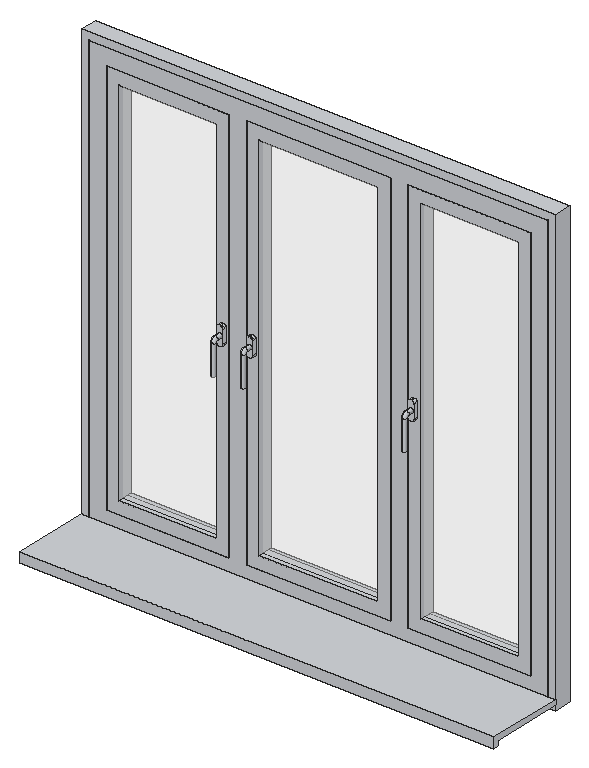
Revit family "AVLN_Окно_Фрамуга общая_3 створки", category Окна, Revit 2021
Family settings
  Основа = Стена
  Номер OmniClass = 23.30.20.00
  Заголовок OmniClass = Windows
  Всегда вертикально = Да
  При загрузке вырезать с полостями = Нет
  Общий = Нет
  Точка принадлежности помещению = Нет
Parameters (values of type "ОК-1850-2.1СТ")
  Ширина рамы = 70 mm
  Четверть слева/справа = 40 mm
  Четверть низ = 0 mm  # constant formula
  Четверть верх = 30 mm
  Створка_центр_ширина = 580 mm
  Створка_толщина = 25 mm  # constant formula
  Толщина основы [instance] = 200 mm
  Створка_справа_ширина = Width - ((Ширина рамы * 4) + (Монтажный зазор_Слева + Монтажный зазор_Справа) + Створка_слева_ширина + Створка_центр_ширина)  # 495 mm
  Створка_слева_ширина = 495 mm
  Створка_профиль = 50 mm
  Створка_высота = Height - Монтажный зазор_Снизу - Монтажный зазор_Сверху - Ширина рамы * 2  # 1600 mm
  Средняя створка = АВЛН_Створка открывная : Створка поворотная правая
  Определить тепловые свойства по = Тип схем
  Монтажный зазор_Справа = 30 mm
  Монтажный зазор_Снизу = 20 mm
  Монтажный зазор_Слева = 30 mm
  Монтажный зазор_Сверху = 30 mm
  Model = ""
  Правая створка = АВЛН_Створка открывная : Створка поворотная правая
  Rough Width = Width - Монтажный зазор_Слева - Монтажный зазор_Справа  # 1850 mm
  Rough Height = Height - Монтажный зазор_Снизу - Монтажный зазор_Сверху  # 1740 mm
  Подстановочный профиль_Ширина = 20 mm  # constant formula
  Подстановочный профиль_Толщина = 60 mm
  Подоконник_Толщина = 20 mm
  Подоконник_Длина = Width  # 1910 mm
  Подоконник_Глубина = 280 mm
  Подоконник = yes
  Левая створка = АВЛН_Створка открывная : Створка поворотная левая
  Глубина вставки = 0 mm
  Отлив_Толщина = 1 mm  # constant formula
  Отлив_Длина = Width - [Четверть слева/справа] * 2  # 1830 mm
  Отлив_Глубина = 280 mm
  Отлив = no
  Откос_Н.Ширина = Width - 2 * [Четверть слева/справа]  # 1830 mm
  Откос_Н.Толщина.8 = 32 mm
  Откос_Н.Толщина.7 = 28 mm
  Откос_Н.Толщина.6 = 24 mm
  Откос_Н.Толщина.5 = 20 mm
  Откос_Н.Толщина.4 = 16 mm
  Откос_Н.Толщина.3 = 12 mm
  Откос_Н.Толщина.2 = 8 mm
  Откос_Н.Толщина.1 = 4 mm
  Откос_Н.Отступ_П = 0 mm  # constant formula
  Откос_Н.Отступ_Л = 0 mm  # constant formula
  Откос_Н.Количество слоев = 0
  Откос_Н.Глубина = 150 mm
  Откос_Н.Высота = Height - Четверть верх - Четверть низ  # 1760 mm
  Откос_В.Толщина.8 = 32 mm
  Откос_В.Толщина.7 = 28 mm
  Откос_В.Толщина.6 = 24 mm
  Откос_В.Толщина.5 = 20 mm
  Откос_В.Толщина.4 = 16 mm
  Откос_В.Толщина.3 = 12 mm
  Откос_В.Толщина.2 = 8 mm
  Откос_В.Толщина.1 = 4 mm
  Откос_В.Отступ_П [instance] = Монтажный зазор_Снизу + Подоконник_Толщина  # 40 mm
  Откос_В.Отступ_Л [instance] = Монтажный зазор_Снизу + Подоконник_Толщина  # 40 mm
  Откос_В.Количество слоев = 0
  Откос_В.Глубина [instance] = Толщина основы - Глубина вставки - Ширина рамы  # 130 mm
  М.Подоконник = none
  М.Отлив = none
  М.Откос_Н.8 = none
  М.Откос_Н.7 = none
  М.Откос_Н.6 = none
  М.Откос_Н.5 = none
  М.Откос_Н.4 = none
  М.Откос_Н.3 = none
  М.Откос_Н.2 = none
  М.Откос_Н.1 = ADSK_Полимеры_ Поливинилхлорид_(ПВХ) белый
  М.Откос_В.8 = none
  М.Откос_В.7 = none
  М.Откос_В.6 = none
  М.Откос_В.5 = none
  М.Откос_В.4 = none
  М.Откос_В.3 = none
  М.Откос_В.2 = none
  М.Откос_В.1 = ADSK_Полимеры_ Поливинилхлорид_(ПВХ) белый
  М.Монтажного зазора = none
  М.Стекла = АВЛН_Остекление окон и дверей
  М.Рамы = none
  М.Подоконный профиль = none
  Type Comments = ""
  Height = 1790 mm
  Высота подоконника по умолчанию = 800 mm
  Замыкание стены = По основе
  Width = 1910 mm
  Аналитическая конструкция = "<Нет>"
  АВЛН_Проем_Ширина [instance] = Width  # 1910 mm
  АВЛН_Проем_Высота [instance] = Height  # 1790 mm
  ADSK_Этаж [instance] = ""
  ADSK_Размер_Ширина = Width  # 1910 mm
  ADSK_Размер_Высота = Height  # 1790 mm
  ADSK_Примечание [instance] = ""
  ADSK_Площадь = Height * Width  # 3.4189 m²
  ADSK_Обозначение = ""
  ADSK_Номер секции [instance] = ""
  ADSK_Наименование = ""
  ADSK_Марка = ""
  ADSK_Группирование = ""
  -----------Разрезка----------- = "-----------"  # constant formula
  -----------Профили----------- = "-----------"  # constant formula
  -----------Подоконник----------- = "-----------"  # constant formula
  -----------Отлив----------- = "-----------"  # constant formula
  -----------Откос----------- = "-----------"  # constant formula
  -----------Основные габариты----------- = "-----------"  # constant formula
  -----------Вставка----------- = "-----------"  # constant formula
Types (2, lengths in mm): name | Четверть слева/справа | Четверть верх | Створка_центр_ширина | Створка_справа_ширина | Створка_слева_ширина | Створка_высота | Средняя створка | Монтажный зазор_Снизу | Правая створка | Rough Width | Rough Height | Подоконник_Длина | Левая створка | Отлив_Длина | Откос_Н.Ширина | Откос_Н.Высота | Откос_В.Отступ_П | Откос_В.Отступ_Л | М.Стекла | Height | Width | АВЛН_Проем_Ширина | АВЛН_Проем_Высота | ADSK_Размер_Ширина | ADSK_Размер_Высота | ADSK_Площадь
  Для копирования! | 50 | 50 | 800 | 830 | 830 | 2500 | АВЛН_Створка открывная : Створка глухая | 30 | АВЛН_Створка открывная : Створка откидная | 2740 | 2640 | 2800 | АВЛН_Створка открывная : Створка глухая | 2700 | 2700 | 2650 | 50 | 50 | Стекло | 2700 | 2800 | 2800 | 2700 | 2800 | 2700 | 7.56 m²
  ОК-1850-2.1СТ | 40 | 30 | 580 | 495 | 495 | 1600 | АВЛН_Створка открывная : Створка поворотная правая | 20 | АВЛН_Створка открывная : Створка поворотная правая | 1850 | 1740 | 1910 | АВЛН_Створка открывная : Створка поворотная левая | 1830 | 1830 | 1760 | 40 | 40 | АВЛН_Остекление окон и дверей | 1790 | 1910 | 1910 | 1790 | 1910 | 1790 | 3.4189 m²
Reference planes
  plane 1 "По центру (Вперед/Назад)": y = 0
  plane 2 "По центру (Влево/Вправо)": x = 0
  plane 3 "Слева": x = -955
  plane 4 "Справа": x = 955
  plane 5 "Подоконник": z = 800
  plane 6 "Заголовок": z = 2590
  plane 7 "Наружный": y = 100
  plane 8 "Внутренние": y = -100
  plane 9 "Окно": y = 100
  plane 10: x = 925
  plane 11: z = 2560
  plane 12: x = -925
  plane 13: z = 820
  plane 14: x = 915
  plane 15: x = -915
  plane 16: z = 1695
  plane 17: y = 600
  plane 18: y = -400
  plane 19: z = 2560
  plane 20 "Чет. низ": z = 800
  plane 21 "Внутряння грань": y = 30
  plane 22: y = 80
  plane 23 "Импост верх": z = 890
  plane 24: z = 2490
  plane 25: x = -855
  plane 26: x = 855
  plane 27 "5": x = 290
  plane 28 "6": x = 360
  plane 29 "9": x = 0
  plane 30 "10": x = 607.5
  plane 31 "11": x = -607.5
  plane 32 "12": z = 1690
  plane 33 "14": x = -360
  plane 34 "15": x = -290
  plane 35 "16": x = 0
Forms (mm)
  Extrusion 1, void
    sketch origin (0, 100, 0) x (1, 0, 0) y (0, 0, 1)
      loop
        line (915, 2560) -> (-915, 2560) -> (-915, 800) -> (915, 800) -> (915, 2560)
    from -500 to 20
  Extrusion 2, void
    sketch origin (0, 100, 0) x (1, 0, 0) y (0, 0, 1)
      loop
        line (955, 2590) -> (-955, 2590) -> (-955, 800) -> (955, 800) -> (955, 2590)
    from 0 to 500
  Extrusion 3, solid, material <- "М.Монтажного зазора", detail levels medium+fine
    sketch origin (0, 100, 0) x (1, 0, 0) y (0, 0, 1)
      loop
        line (955, 2590) -> (-955, 2590) -> (-955, 800) -> (955, 800) -> (955, 2590)
      loop
        line (-925, 2560) -> (-925, 820) -> (925, 820) -> (925, 2560) -> (-925, 2560)
    from 0 to 70
  Extrusion 4, solid, material <- "М.Рамы", detail levels medium+fine
    sketch origin (0, 100, 0) x (-1, 0, 0) y (0, 0, 1)
      loop
        line (-925, 2560) -> (-925, 820) -> (925, 820) -> (925, 2560) -> (-925, 2560)
      loop
        line (-290, 2490) -> (-290, 890) -> (290, 890) -> (290, 2490) -> (-290, 2490)
      loop
        line (855, 2490) -> (360, 2490) -> (360, 890) -> (855, 890) -> (855, 2490)
      loop
        line (-360, 2490) -> (-855, 2490) -> (-855, 890) -> (-360, 890) -> (-360, 2490)
    from -70 to 0
Lines and regions (mm)
  reference lines
    curve 1: line (-955, -100, 820) -> (955, -100, 820)
    curve 2: line (325, -100, 2590) -> (325, -100, 800)
Text (mm)
  text "EXTERIOR" at (-1963.203, 1332.353, 0), in view "Опорный уровень"
  text "INTERIOR" at (-1981.466, -818.386, 0), in view "Опорный уровень"
  text "Наружный" at (0, 923.751, 2943.296), in view "Справа"
  text "Наружный" at (0, 1240.237, 2685.409), in view "Слева"
Dimensions and locks
  equal spacing: plane 3 "Слева", plane 2 "По центру (Влево/Вправо)", plane 4 "Справа"
  "Width": plane 3 "Слева" to plane 4 "Справа"
  "Height": plane 5 "Подоконник" to plane 6 "Заголовок"
  "Высота подоконника по умолчанию": plane 5 "Подоконник" to level
  locked: plane 7 "Наружный" to host wall
  locked: plane 8 "Внутренние" to host wall
  "Глубина вставки": plane 9 "Окно" to plane 7 "Наружный"
  "Монтажный зазор_Справа": plane 10 to plane 4 "Справа"
  "Монтажный зазор_Слева": plane 3 "Слева" to plane 12
  "Монтажный зазор_Сверху": plane 11 to plane 6 "Заголовок"
  "Монтажный зазор_Снизу": plane 5 "Подоконник" to plane 13
  "Четверть слева/справа": plane 14 to plane 4 "Справа"
  "Четверть слева/справа": plane 3 "Слева" to plane 15
  equal spacing: plane 5 "Подоконник", plane 16, plane 6 "Заголовок"
  locked: plane 7 "Наружный" to plane 17 at 500
  locked: plane 18 to plane 8 "Внутренние" at 300
  "Четверть верх": plane 19 to plane 6 "Заголовок"
  "Четверть низ": plane 5 "Подоконник" to plane 20 "Чет. низ"
  "Ширина рамы": plane 9 "Окно" to plane 21 "Внутряння грань"
  "Толщина основы": host wall to host wall
  locked: plane 22 to plane 21 "Внутряння грань" at 50
  "Ширина рамы": plane 26 to plane 10
  "Ширина рамы": plane 12 to plane 25
  "Ширина рамы": plane 24 to plane 11
  plane 23 "Импост верх" to plane 24 = 1600 mm  (x2)
  "Ширина рамы": plane 27 "5" to plane 28 "6"
  equal spacing: plane 27 "5", curve 2, plane 28 "6"
  equal spacing: plane 28 "6", plane 30 "10", plane 26
  equal spacing: plane 25, plane 31 "11", plane 33 "14"
  equal spacing: plane 24, plane 32 "12", plane 23 "Импост верх"
  plane 28 "6" to plane 26 = 495 mm  (x2)
  "Ширина рамы": plane 33 "14" to plane 34 "15"
  plane 33 "14" to plane 34 "15" = 70 mm
  "Створка_центр_ширина": plane 34 "15" to plane 27 "5"
  "Створка_слева_ширина": plane 25 to plane 33 "14"
  equal spacing: plane 34 "15", plane 35 "16", plane 27 "5"
  "Ширина рамы": plane 13 to plane 23 "Импост верх"
  aligned and locked: Extrusion 1 sketch curve to plane 14
  aligned and locked: Extrusion 1 sketch curve to plane 15
  aligned and locked: plane 17 to Extrusion 1
  aligned and locked: Extrusion 2 sketch curve to plane 6 "Заголовок"
  aligned and locked: Extrusion 2 sketch curve to plane 4 "Справа"
  aligned and locked: plane 5 "Подоконник" to Extrusion 2 sketch curve
  aligned and locked: plane 3 "Слева" to Extrusion 2 sketch curve
  aligned and locked: Extrusion 2 to plane 9 "Окно"
  aligned and locked: Extrusion 2 to plane 18
  aligned and locked: Extrusion 1 sketch curve to plane 19
  aligned and locked: plane 20 "Чет. низ" to Extrusion 1 sketch curve
  aligned and locked: plane 9 "Окно" to nested 1
  aligned and locked: plane 2 "По центру (Влево/Вправо)" to nested 1
  aligned and locked: nested 2 to plane 21 "Внутряння грань"
  aligned and locked: nested 2 to plane 2 "По центру (Влево/Вправо)"
  aligned and locked: nested 3 to plane 2 "По центру (Влево/Вправо)"
  aligned and locked: plane 8 "Внутренние" to nested 3
  aligned and locked: nested 4 to plane 9 "Окно"
  aligned and locked: Extrusion 3 sketch curve to plane 6 "Заголовок"
  aligned and locked: Extrusion 3 sketch curve to plane 4 "Справа"
  aligned and locked: Extrusion 3 sketch curve to nested 2  (x2)
  aligned and locked: Extrusion 3 sketch curve to plane 11
  aligned and locked: Extrusion 3 sketch curve to plane 12
  aligned and locked: Extrusion 3 sketch curve to plane 13
  aligned and locked: Extrusion 3 sketch curve to plane 10
  aligned and locked: Extrusion 3 to nested 2
  aligned and locked: plane 23 "Импост верх" to Extrusion 4 sketch curve
  aligned and locked: Extrusion 4 sketch curve to plane 12
  aligned and locked: plane 13 to Extrusion 4 sketch curve
  aligned and locked: Extrusion 4 sketch curve to plane 24
  aligned and locked: Extrusion 4 sketch curve to plane 11
  aligned and locked: plane 20 "Чет. низ" to nested 4
  aligned and locked: nested 4 to plane 2 "По центру (Влево/Вправо)"
  aligned and locked: Extrusion 3 to plane 9 "Окно"
  aligned and locked: Extrusion 4 to plane 21 "Внутряння грань"
  aligned and locked: Extrusion 4 to plane 9 "Окно"
  aligned and locked: Extrusion 1 to plane 22
  aligned and locked: plane 3 "Слева" to curve 1
  aligned and locked: plane 4 "Справа" to curve 1
  aligned and locked: Extrusion 4 sketch curve to plane 10
  aligned and locked: plane 24 to Extrusion 4 sketch curve
  aligned and locked: Extrusion 4 sketch curve to plane 26
  aligned and locked: Extrusion 4 sketch curve to plane 23 "Импост верх"
  aligned and locked: Extrusion 4 sketch curve to plane 28 "6"
  aligned and locked: plane 6 "Заголовок" to curve 2
  aligned and locked: plane 5 "Подоконник" to curve 2
  aligned and locked: plane 29 "9" to nested 5
  aligned and locked: nested 5 to plane 16
  aligned and locked: plane 30 "10" to nested 6
  aligned and locked: nested 6 to plane 32 "12"
  aligned and locked: plane 31 "11" to nested 7
  aligned and locked: nested 7 to plane 32 "12"
  aligned and locked: Extrusion 4 sketch curve to plane 33 "14"
  aligned and locked: plane 34 "15" to Extrusion 4 sketch curve
  aligned and locked: curve 1 to plane 13
Automatic sketch dimensions
  plane 27 "5" to Extrusion 4 sketch curve = 0 mm
  Extrusion 4 sketch curve to plane 23 "Импост верх" = 0 mm
  Extrusion 4 sketch curve to plane 24 = 0 mm
  plane 25 to Extrusion 4 sketch curve = 0 mm
Nested families
  nested 1: "Отлив" at (0, 100, 800) x (-1, 0, 0) z (0, 0, 1), Глубина отлива <- "Отлив_Глубина", Длина отлива <- "Отлив_Длина", ТО <- "Отлив_Толщина", Ш_МЗЗ <- "Монтажный зазор_Снизу", Ш_ПП <- "Подстановочный профиль_Ширина", ADSK_Группирование <- "ADSK_Группирование", ADSK_Номер секции <- "ADSK_Номер секции", ADSK_Этаж <- "ADSK_Этаж", visible <- "Отлив", М <- "М.Отлив", type "Отлив", detail levels fine
    with Ш_ПП 20 mm, Ш_МЗЗ 20 mm, ТО 1 mm, М none, Длина отлива 1830 mm, Глубина отлива 280 mm, ADSK_Этаж "", ADSK_Примечание "", ADSK_Обозначение "", ADSK_Номер секции "", ADSK_Наименование "", ADSK_Марка "", ADSK_Группирование ""
  nested 2: "Подоконник" at (0, 30, 800), Глубина подоконника <- "Подоконник_Глубина", Длина отлива <- "Подоконник_Длина", ТП <- "Подоконник_Толщина", Ш_МЗЗ <- "Монтажный зазор_Снизу", Ш_ПП <- "Подстановочный профиль_Ширина", ADSK_Группирование <- "ADSK_Группирование", ADSK_Номер секции <- "ADSK_Номер секции", ADSK_Этаж <- "ADSK_Этаж", visible <- "Подоконник", М <- "М.Подоконник", type "Подоконник", detail levels fine
    with Ш_ПП 20 mm, Ш_МЗЗ 20 mm, ТП 20 mm, М none, Длина отлива 1910 mm, Глубина подоконника 280 mm, ADSK_Этаж "", ADSK_Примечание "", ADSK_Обозначение "", ADSK_Номер секции "", ADSK_Наименование "", ADSK_Марка "", ADSK_Группирование ""
  nested 3: "AVLN_Откосы_R19" at (0, -100, 0), Глубина <- "Откос_В.Глубина", Высота от уровня <- "Высота подоконника по умолчанию", ADSK_Группирование <- "Type Comments", ADSK_Этаж <- "ADSK_Этаж", ADSK_Номер секции <- "ADSK_Номер секции", Материал_1 <- "М.Откос_В.1", Материал_2 <- "М.Откос_В.2", Материал_3 <- "М.Откос_В.3", Материал_4 <- "М.Откос_В.4", Материал_5 <- "М.Откос_В.5", Материал_6 <- "М.Откос_В.6", Материал_7 <- "М.Откос_В.7", Материал_8 <- "М.Откос_В.8", Толщина_1 <- "Откос_В.Толщина.1", Толщина_2 <- "Откос_В.Толщина.2", Толщина_3 <- "Откос_В.Толщина.3", Толщина_4 <- "Откос_В.Толщина.4", Толщина_5 <- "Откос_В.Толщина.5", Толщина_6 <- "Откос_В.Толщина.6", Толщина_7 <- "Откос_В.Толщина.7", Толщина_8 <- "Откос_В.Толщина.8", Количество слоев <- "Откос_В.Количество слоев", Отступ_Л <- "Откос_В.Отступ_Л", Отступ_П <- "Откос_В.Отступ_П", Высота <- "Height", Ширина <- "Width", type "AVLN_Откосы_R19"
    with Ширина_8 1686 mm, Ширина_7 1742 mm, Ширина_6 1790 mm, Ширина_5 1830 mm, Ширина_4 1862 mm, Ширина_3 1886 mm, Ширина_2 1902 mm, Ширина 1910 mm, Толщина_8 32 mm, Толщина_7 28 mm, Толщина_6 24 mm, Толщина_5 20 mm, Толщина_4 16 mm, Толщина_3 12 mm, Толщина_2 8 mm, Толщина_1 4 mm, Отступ_П 40 mm, Отступ_Л 40 mm, Материал_8 none, Материал_7 none, Материал_6 none, Материал_5 none, Материал_4 none, Материал_3 none, Материал_2 none, Материал_1 ADSK_Полимеры_ Поливинилхлорид_(ПВХ) белый, Количество слоев 0, Глубина 130 mm, Высота_8 1678 mm, Высота_7 1706 mm, Высота_6 1730 mm, Высота_5 1750 mm, Высота_4 1766 mm, Высота_3 1778 mm, Высота_2 1786 mm, Высота от уровня 800 mm, Высота 1790 mm, Видимость_8 no, Видимость_7 no, Видимость_6 no, Видимость_5 no, Видимость_4 no, Видимость_3 no, Видимость_2 no, Видимость_1 no, ADSK_Этаж "", ADSK_Номер секции "", ADSK_Группирование ""
  nested 4: "AVLN_Откосы_R19" at (0, 100, 0), Ширина <- "Откос_Н.Ширина", Глубина <- "Откос_Н.Глубина", Высота <- "Откос_Н.Высота", Высота от уровня <- "Высота подоконника по умолчанию", ADSK_Группирование <- "Type Comments", ADSK_Этаж <- "ADSK_Этаж", ADSK_Номер секции <- "ADSK_Номер секции", Материал_1 <- "М.Откос_Н.1", Материал_2 <- "М.Откос_Н.2", Материал_3 <- "М.Откос_Н.3", Материал_4 <- "М.Откос_Н.4", Материал_5 <- "М.Откос_Н.5", Материал_6 <- "М.Откос_Н.6", Материал_7 <- "М.Откос_Н.7", Материал_8 <- "М.Откос_Н.8", Толщина_1 <- "Откос_Н.Толщина.1", Толщина_2 <- "Откос_Н.Толщина.2", Толщина_3 <- "Откос_Н.Толщина.3", Толщина_4 <- "Откос_Н.Толщина.4", Толщина_5 <- "Откос_Н.Толщина.5", Толщина_6 <- "Откос_Н.Толщина.6", Толщина_7 <- "Откос_Н.Толщина.7", Толщина_8 <- "Откос_Н.Толщина.8", Количество слоев <- "Откос_Н.Количество слоев", Отступ_Л <- "Откос_Н.Отступ_Л", Отступ_П <- "Откос_Н.Отступ_П", type "AVLN_Откосы_R19"
    with Ширина_8 1606 mm, Ширина_7 1662 mm, Ширина_6 1710 mm, Ширина_5 1750 mm, Ширина_4 1782 mm, Ширина_3 1806 mm, Ширина_2 1822 mm, Ширина 1830 mm, Толщина_8 32 mm, Толщина_7 28 mm, Толщина_6 24 mm, Толщина_5 20 mm, Толщина_4 16 mm, Толщина_3 12 mm, Толщина_2 8 mm, Толщина_1 4 mm, Отступ_П 0 mm, Отступ_Л 0 mm, Материал_8 none, Материал_7 none, Материал_6 none, Материал_5 none, Материал_4 none, Материал_3 none, Материал_2 none, Материал_1 ADSK_Полимеры_ Поливинилхлорид_(ПВХ) белый, Количество слоев 0, Глубина 150 mm, Высота_8 1648 mm, Высота_7 1676 mm, Высота_6 1700 mm, Высота_5 1720 mm, Высота_4 1736 mm, Высота_3 1748 mm, Высота_2 1756 mm, Высота от уровня 800 mm, Высота 1760 mm, Видимость_8 no, Видимость_7 no, Видимость_6 no, Видимость_5 no, Видимость_4 no, Видимость_3 no, Видимость_2 no, Видимость_1 no, ADSK_Этаж "", ADSK_Номер секции "", ADSK_Группирование ""
  nested 5: "AVLN_Обозначение проема" at (0, 100, 1695) x (0, 0, -1) z (0, -1, 0), ADSK_Размер_Высота <- "АВЛН_Проем_Ширина", ADSK_Размер_Ширина <- "АВЛН_Проем_Высота", type "AVLN_Обозначение проема", detail levels coarse
    with Длина 200 mm, ADSK_Размер_Ширина 1790 mm, ADSK_Размер_Высота 1910 mm
  nested 6: "АВЛН_Створка открывная" at (607.5, 30, 1690) x (-1, 0, 0) z (0, 1, 0), Створка высота <- "Створка_высота", Створка ширина <- "Створка_справа_ширина", Ширина рамы <- "Створка_профиль", Материал_Ручки <- "М.Рамы", Материал_Рама <- "М.Рамы", Материал_Стеклопакет <- "М.Стекла", type <- "Правая створка", type "Створка поворотная правая", detail levels medium+fine
    with Ширина рамы 50 mm, Створка ширина 495 mm, Створка высота 1600 mm, Материал_Стеклопакет АВЛН_Остекление окон и дверей, Материал_Ручки none, Материал_Рама none
  nested 7: "АВЛН_Створка открывная" at (-607.5, 30, 1690) x (-1, 0, 0) z (0, 1, 0), Створка высота <- "Створка_высота", Створка ширина <- "Створка_слева_ширина", Ширина рамы <- "Створка_профиль", Материал_Ручки <- "М.Рамы", Материал_Рама <- "М.Рамы", Материал_Стеклопакет <- "М.Стекла", type <- "Левая створка", type "Створка поворотная левая", detail levels medium+fine
    with Ширина рамы 50 mm, Створка ширина 495 mm, Створка высота 1600 mm, Материал_Стеклопакет АВЛН_Остекление окон и дверей, Материал_Ручки none, Материал_Рама none
  nested 8: "АВЛН_Створка открывная" at (-0.922, 30, 1690) x (-1, 0, 0) z (0, 1, 0), Створка высота <- "Створка_высота", Створка ширина <- "Створка_центр_ширина", Ширина рамы <- "Створка_профиль", Материал_Ручки <- "М.Рамы", Материал_Рама <- "М.Рамы", Материал_Стеклопакет <- "М.Стекла", type <- "Средняя створка", type "Створка поворотная правая", detail levels medium+fine
    with Ширина рамы 50 mm, Створка ширина 580 mm, Створка высота 1600 mm, Материал_Стеклопакет АВЛН_Остекление окон и дверей, Материал_Ручки none, Материал_Рама none
Definition of nested family "Отлив"
  Parameters (values of type "Отлив")
    Ш_ПП [instance] = 50 mm
    Ш_МЗЗ [instance] = 35 mm
    ТО [instance] = 1 mm
    Default Elevation = 1219.2 mm
    М [instance] = none
    Длина отлива [instance] = 1560 mm
    Глубина отлива [instance] = 280 mm
    ADSK_Этаж [instance] = ""
    ADSK_Примечание [instance] = ""
    ADSK_Обозначение [instance] = ""
    ADSK_Номер секции [instance] = ""
    ADSK_Наименование [instance] = ""
    ADSK_Марка [instance] = ""
    ADSK_Группирование [instance] = ""
  Reference planes
    plane 1 "По центру (Вперед/Назад)": y = 0
    plane 2: z = 0
    plane 3 "По центру (Влево/Вправо)": x = 0
    plane 4: y = -280
    plane 5: x = -780
    plane 6: x = 780
    plane 7: z = 35
    plane 8: z = 85
    plane 9: y = -1
    plane 10: y = -300
    plane 11: y = -301
    plane 12: z = -35
    plane 13: z = 34
  Forms (mm)
    Extrusion 1, solid, material <- "М"
      sketch origin (0, 0, 0) x (0, 1, 0) y (0, 0, 1)
        loop
          line (0, 85) -> (-1, 85) -> (-1, 34.893) -> (-301, 0.893) -> (-301, -35) -> (-300, -35) -> (-300, 0) -> (0, 34) -> (0, 85)
      from -780 to 780
  Dimensions and locks
    equal spacing: plane 5, plane 3 "По центру (Влево/Вправо)", plane 6
    "Длина отлива": plane 5 to plane 6
    "Глубина отлива": plane 4 to plane 1 "По центру (Вперед/Назад)"
    "Ш_МЗЗ": plane 7 to level
    "Ш_ПП": plane 8 to plane 7
    "ТО": plane 1 "По центру (Вперед/Назад)" to plane 9
    "ТО": plane 10 to plane 11
    locked: level to plane 12 at 35
    "ТО": plane 7 to plane 13
    "ТО": Extrusion 1 sketch curve to Extrusion 1 sketch curve
    locked: plane 4 to plane 10 at 20
    aligned and locked: level to plane 2
    aligned and locked: plane 8 to Extrusion 1 sketch curve
    aligned and locked: plane 9 to Extrusion 1 sketch curve
    aligned and locked: plane 11 to Extrusion 1 sketch curve
    aligned and locked: plane 12 to Extrusion 1 sketch curve
    aligned and locked: plane 1 "По центру (Вперед/Назад)" to Extrusion 1 sketch curve  (x2)
    aligned and locked: plane 13 to Extrusion 1 sketch curve
    aligned and locked: level to Extrusion 1 sketch curve
    aligned and locked: plane 10 to Extrusion 1 sketch curve
    aligned and locked: plane 6 to Extrusion 1
    aligned and locked: Extrusion 1 to plane 5
Definition of nested family "Подоконник"
  Parameters (values of type "Подоконник")
    Ш_ПП [instance] = 50 mm
    Ш_МЗЗ [instance] = 35 mm
    ТП [instance] = 20 mm
    Default Elevation = 1219.2 mm
    М [instance] = none
    Длина отлива [instance] = 1560 mm
    Глубина подоконника [instance] = 280 mm
    ADSK_Этаж [instance] = ""
    ADSK_Примечание [instance] = ""
    ADSK_Обозначение [instance] = ""
    ADSK_Номер секции [instance] = ""
    ADSK_Наименование [instance] = ""
    ADSK_Марка [instance] = ""
    ADSK_Группирование [instance] = ""
  Reference planes
    plane 1 "По центру (Вперед/Назад)": y = 0
    plane 2: z = 0
    plane 3 "По центру (Влево/Вправо)": x = 0
    plane 4: y = -280
    plane 5: x = -780
    plane 6: x = 780
    plane 7: z = 35
    plane 8: z = 85
    plane 9: y = -20
    plane 10: y = -290
    plane 11: y = -310
    plane 12: z = -35
    plane 13: z = 15
    plane 14: z = 65
  Forms (mm)
    Extrusion 1, solid, material <- "М"
      sketch origin (0, 0, 0) x (0, 1, 0) y (0, 0, 1)
        loop
          line (0, 85) -> (-310, 85) -> (-310, 0) -> (-290, 0) -> (-290, 65) -> (0, 65) -> (0, 85)
      from -780 to 780
  Dimensions and locks
    equal spacing: plane 5, plane 3 "По центру (Влево/Вправо)", plane 6
    "Длина отлива": plane 5 to plane 6
    "Глубина подоконника": plane 4 to plane 1 "По центру (Вперед/Назад)"
    "Ш_МЗЗ": plane 7 to level
    "Ш_ПП": plane 8 to plane 7
    "ТП": plane 1 "По центру (Вперед/Назад)" to plane 9
    "ТП": plane 10 to plane 11
    locked: level to plane 12 at 35
    "ТП": plane 7 to plane 13
    locked: plane 4 to plane 10 at 10
    "ТП": plane 8 to plane 14
    aligned and locked: level to plane 2
    aligned and locked: plane 8 to Extrusion 1 sketch curve
    aligned and locked: plane 1 "По центру (Вперед/Назад)" to Extrusion 1 sketch curve
    aligned and locked: plane 10 to Extrusion 1 sketch curve
    aligned and locked: plane 11 to Extrusion 1 sketch curve
    aligned and locked: level to Extrusion 1 sketch curve
    aligned and locked: plane 14 to Extrusion 1 sketch curve
    aligned and locked: Extrusion 1 to plane 5
    aligned and locked: plane 6 to Extrusion 1
Definition of nested family "АВЛН_Створка открывная"
  Parameters (values of type "Створка повороно-откидная правая")
    Ширина рамы [instance] = 50 mm
    Width = 1600 mm
    Створка ширина [instance] = 800 mm
    Створка высота [instance] = 700 mm
    Define Thermal Properties by = 1
    Материал_Стеклопакет [instance] = none
    Поворотная Правая = yes
    Поворотная Левая = no
    Default Elevation = 1200 mm
    Открываная = yes
    Откидная = yes
    Материал_Ручки [instance] = none
    Материал_Рама [instance] = none
    Левая = yes
    Глухое = no
    Height = 1800 mm
    Analytic Construction = "<Нет>"
  Types (6, lengths in mm): name | Поворотная Правая | Поворотная Левая | Default Elevation | Открываная | Откидная | Глухое
    Створка повороно-откидная правая | yes | no | 1200 | yes | yes | no
    Створка повороно-откидная левая | no | yes | 1219.2 | yes | yes | no
    Створка глухая | no | no | 1219.2 | no | no | yes
    Створка откидная | no | no | 1219.2 | yes | yes | no
    Створка поворотная правая | yes | no | 1219.2 | yes | no | no
    Створка поворотная левая | no | yes | 1219.2 | yes | no | no
  Reference planes
    plane 1 "По центру (Вперед/Назад)": y = 0
    plane 2 "Внутрення грань": z = 0
    plane 3 "По центру (Влево/Вправо)": x = 0
    plane 4: y = 350
    plane 5: x = 400
    plane 6: y = -350
    plane 7: x = -400
    plane 8 "Наружняя грань": z = 60.433
    plane 9 "По центру Л/Р": z = 30.216
  Forms (mm)
    Extrusion 1, solid
      sketch origin (0, 0, 0) x (1, 0, 0) y (0, 1, 0)
        loop
          line (-1219.2, 1219.2) -> (-1219.2, -1219.2) -> (1219.2, -1219.2) -> (1219.2, 1219.2) -> (-1219.2, 1219.2)
      from 0 to -304.8
    Sweep 2, solid, material <- "Материал_Рама", visible <- "Открываная"
      path origin (0, 0, 0) x (1, 0, 0) y (0, 1, 0)
        loop
          line (400, 350) -> (-400, 350) -> (-400, -350) -> (400, -350) -> (400, 350)
      profile origin (0, 350, 0) x (0, -1, 0) y (0, 0, 1)
        loop
          line (0, 0) -> (50, 0) -> (50, 60.433) -> (0, 60.433) -> (0, 0)
    Extrusion 3, solid, material <- "Материал_Стеклопакет", visible <- "Открываная"
      sketch origin (0, 0, 0) x (1, 0, 0) y (0, 1, 0)
        loop
          line (-350, 300) -> (-350, -300) -> (350, -300) -> (350, 300) -> (-350, 300)
      from 17.481 to 42.952
    Extrusion 4, solid, material <- "Материал_Стеклопакет", visible <- "Глухое"
      sketch origin (0, 0, 0) x (1, 0, 0) y (0, 1, 0)
        loop
          line (-400, 350) -> (-400, -350) -> (400, -350) -> (400, 350) -> (-400, 350)
      from 17.481 to 42.952
  Lines and regions (mm)
    model lines, visible <- "Глухое", detail levels medium+fine
      curve 1: line (0, 50, 60.433) -> (0, -50, 60.433)
      curve 2: line (50, 0, 60.433) -> (-50, 0, 60.433)
      curve 17: line (0, 50, 0) -> (0, -50, 0)
      curve 18: line (50, 0, 0) -> (-50, 0, 0)
    model lines, visible <- "Глухое", not visible, detail levels medium+fine
      curve 3: line (60, 38.001, 60.433) -> (60, -61.999, 60.433)
      curve 4: line (110, -11.999, 60.433) -> (10, -11.999, 60.433)
    model lines, visible <- "Поворотная Левая", detail levels medium+fine
      curve 5: line (400, 350, 0) -> (-400, 0, 0)
      curve 6: line (400, -350, 0) -> (-400, 0, 0)
      curve 13: line (400, 350, 60.433) -> (-400, 0, 60.433)
      curve 14: line (400, -350, 60.433) -> (-400, 0, 60.433)
    model lines, visible <- "Откидная", detail levels medium+fine
      curve 7: line (-400, -350, 0) -> (0, 350, 0)
      curve 8: line (0, 350, 0) -> (400, -350, 0)
      curve 15: line (-400, -350, 60.433) -> (0, 350, 60.433)
      curve 16: line (0, 350, 60.433) -> (400, -350, 60.433)
    model lines, visible <- "Поворотная Правая", detail levels medium+fine
      curve 9: line (-400, 350, 0) -> (400, 0, 0)
      curve 10: line (-400, -350, 0) -> (400, 0, 0)
      curve 11: line (-400, 350, 60.433) -> (400, 0, 60.433)
      curve 12: line (-400, -350, 60.433) -> (400, 0, 60.433)
  Dimensions and locks
    "Створка высота": plane 4 to plane 6
    "Створка ширина": plane 7 to plane 5
    equal spacing: plane 7, plane 3 "По центру (Влево/Вправо)", plane 5
    equal spacing: plane 6, plane 1 "По центру (Вперед/Назад)", plane 4
    plane 2 "Внутрення грань" to plane 8 "Наружняя грань" = 60.433 mm
    level to Extrusion 4 = 42.952 mm
    plane 8 "Наружняя грань" to level = 60.433 mm
    equal spacing: Extrusion 3, plane 9 "По центру Л/Р", Extrusion 3
    equal spacing: plane 8 "Наружняя грань", plane 9 "По центру Л/Р", level
    Extrusion 3 to Extrusion 3 = 25.471 mm
    "Ширина рамы": profile plane to Sweep 2 sketch curve
    equal spacing: Extrusion 4, plane 9 "По центру Л/Р", Extrusion 4, locked at 12.735 each
    locked: Extrusion 4 to Extrusion 4 at 25.471
    equal spacing: Sweep 2, nested 1, Sweep 2
    equal spacing: Sweep 2, nested 2, Sweep 2
    aligned and locked: plane 2 "Внутрення грань" to Extrusion 1
    aligned and locked: level to Extrusion 1
    aligned and locked: plane 4 to Sweep 2 sketch curve
    aligned and locked: plane 5 to Sweep 2 sketch curve
    aligned and locked: plane 6 to Sweep 2 sketch curve
    aligned and locked: Sweep 2 sketch curve to plane 7
    aligned and locked: Extrusion 3 sketch curve to Sweep 2  (x4)
    aligned and locked: Extrusion 4 sketch curve to Sweep 2  (x3)
    aligned and locked: Extrusion 4 sketch curve to plane 5
    aligned and locked: Sweep 2 sketch curve to plane 8 "Наружняя грань"
    aligned and locked: plane 6 to Extrusion 4
    aligned and locked: plane 4 to Extrusion 4
    aligned and locked: curve 2 to plane 1 "По центру (Вперед/Назад)"
    aligned and locked: curve 1 to plane 3 "По центру (Влево/Вправо)"
    aligned and locked: curve 18 to plane 1 "По центру (Вперед/Назад)"
    aligned and locked: curve 17 to plane 3 "По центру (Влево/Вправо)"
    aligned and locked: nested 2 to plane 1 "По центру (Вперед/Назад)"
    aligned and locked: nested 1 to plane 1 "По центру (Вперед/Назад)"
  Automatic sketch dimensions
    Extrusion 1 sketch curve to Extrusion 1 sketch curve = 2438.4 mm  (x2)
    plane 1 "По центру (Вперед/Назад)" to curve 5 = 0 mm
    curve 5 to plane 7 = 0 mm
    curve 9 to plane 4 = 0 mm
    curve 9 to plane 7 = 0 mm
    plane 6 to curve 7 = 0 mm
    curve 7 to plane 7 = 0 mm
    curve 7 to plane 3 "По центру (Влево/Вправо)" = 0 mm
    curve 6 to plane 5 = 0 mm
    plane 1 "По центру (Вперед/Назад)" to curve 9 = 0 mm
    curve 9 to plane 5 = 0 mm
    curve 5 to plane 4 = 0 mm
    curve 5 to plane 5 = 0 mm
    plane 6 to curve 8 = 0 mm
    curve 8 to plane 4 = 0 mm
    curve 11 to plane 4 = 0 mm
    curve 11 to plane 7 = 0 mm
    plane 6 to curve 15 = 0 mm
    curve 15 to plane 7 = 0 mm
    plane 1 "По центру (Вперед/Назад)" to curve 14 = 0 mm
    curve 14 to plane 7 = 0 mm
    curve 15 to plane 3 "По центру (Влево/Вправо)" = 0 mm
    plane 1 "По центру (Вперед/Назад)" to curve 11 = 0 mm
    curve 11 to plane 5 = 0 mm
    curve 14 to plane 5 = 0 mm
    curve 13 to plane 4 = 0 mm
    curve 13 to plane 5 = 0 mm
    plane 6 to curve 14 = 0 mm
    curve 15 to plane 4 = 0 mm
    plane 1 "По центру (Вперед/Назад)" to curve 2 = 0 mm
    curve 1 to plane 3 "По центру (Влево/Вправо)" = 0 mm
    curve 2 to plane 3 "По центру (Влево/Вправо)" = 50 mm
    plane 3 "По центру (Влево/Вправо)" to curve 2 = 50 mm
    plane 1 "По центру (Вперед/Назад)" to curve 1 = 50 mm
    curve 1 to plane 1 "По центру (Вперед/Назад)" = 50 mm
    curve 18 to curve 17 = 50 mm
    curve 17 to curve 18 = 50 mm
    plane 1 "По центру (Вперед/Назад)" to curve 17 = 50 mm
    curve 17 to plane 1 "По центру (Вперед/Назад)" = 50 mm
    Sweep 2 sketch curve to level = 0 mm
    Sweep 2 sketch curve to profile plane = 0 mm
  Nested families
    nested 1: "АВЛН_Ручка" at (375, 1040, 0) x (1, 0, 0) z (0, -1, 0), visible <- "Поворотная Правая", Материал дверной ручки <- "Материал_Рама", type "АВЛН_Ручка", detail levels fine
      with Материал дверной ручки none, Высота расположения дверной ручки 1040 mm
    nested 2: "АВЛН_Ручка" at (-375, 1040, 0) x (1, 0, 0) z (0, -1, 0), visible <- "Поворотная Левая", Материал дверной ручки <- "Материал_Рама", type "АВЛН_Ручка", detail levels fine
      with Материал дверной ручки none, Высота расположения дверной ручки 1040 mm
  Definition of nested family "АВЛН_Ручка"
    Parameters (values of type "АВЛН_Ручка")
      Default Elevation = 1219.2 mm
      Материал дверной ручки [instance] = none
      Высота расположения дверной ручки [instance] = 1040 mm
      Analytic Construction = "<Нет>"
      b = 25 mm
      a = 75 mm
    Reference planes
      plane 1 "По центру (Вперед/Назад)": y = 0
      plane 2: z = 0
      plane 3 "По центру (Влево/Вправо)": x = 0
      plane 4: z = 1040
      plane 5: x = 12.5
      plane 6: x = -12.5
      plane 7: z = 1002.5
      plane 8: z = 1077.5
      plane 9: y = -15
    Forms (mm)
      Extrusion 1, solid, material <- "Материал дверной ручки"
        sketch origin (0, 0, 2080) x (-1, 0, 0) y (0, 0, -1)
          loop
            arc (-2.5, 1077.5) -> (-9.571, 1074.571) -> (-12.5, 1067.5) r 10
            line (-12.5, 1067.5) -> (-12.5, 1012.5)
            arc (-12.5, 1012.5) -> (-9.571, 1005.429) -> (-2.5, 1002.5) r 10
            line (-2.5, 1002.5) -> (2.5, 1002.5)
            arc (2.5, 1002.5) -> (9.571, 1005.429) -> (12.5, 1012.5) r 10
            line (12.5, 1012.5) -> (12.5, 1067.5)
            arc (12.5, 1067.5) -> (9.571, 1074.571) -> (2.5, 1077.5) r 10
            line (2.5, 1077.5) -> (-2.5, 1077.5)
        from 0 to 15
      Sweep 2, solid, material <- "Материал дверной ручки"
        path origin (-1040, 0, 1040) x (0, 0, -1) y (0, 1, 0)
          loop
            line (0, -15) -> (0, -38.261)
            arc (0, -38.261) -> (-2.929, -45.332) -> (-10, -48.261) r 10
            line (-10, -48.261) -> (-130, -48.261)
        profile origin (-1040, -26.63, 1040) x (0, 0, -1) y (1, 0, 0)
          loop
            circle (0, 1040) r 8
    Dimensions and locks
      "Высота расположения дверной ручки": plane 4 to level
      "a": plane 7 to plane 8
      "b": plane 6 to plane 5
      plane 6 to plane 5 = 25 mm
      locked: plane 1 "По центру (Вперед/Назад)" to plane 9 at 15
      plane 7 to plane 8 = 75 mm
      aligned and locked: level to plane 2
      aligned and locked: Extrusion 1 sketch curve to plane 7
      aligned and locked: plane 5 to Extrusion 1 sketch curve
      aligned and locked: plane 8 to Extrusion 1 sketch curve
      aligned and locked: Extrusion 1 sketch curve to plane 6
      aligned and locked: Extrusion 1 to plane 1 "По центру (Вперед/Назад)"
    Automatic sketch dimensions
      Sweep 2 sketch curve to plane 9 = 0 mm
      plane 4 to Sweep 2 sketch curve = 10 mm
      plane 9 to Sweep 2 sketch curve = 23.261 mm
      Sweep 2 sketch curve to Sweep 2 sketch curve = 120 mm
      Sweep 2 sketch curve to profile plane = 0 mm
      profile plane to Sweep 2 sketch curve = 1040 mm
      Sweep 2 sketch curve to plane 4 = 0 mm
      plane 3 "По центру (Влево/Вправо)" to Extrusion 1 sketch curve = 2.5 mm  (x2)
      Extrusion 1 sketch curve to plane 3 "По центру (Влево/Вправо)" = 2.5 mm  (x2)
      radius of Sweep 2 sketch curve = 8 mm
Definition of nested family "AVLN_Откосы_R19"
  Parameters (values of type "AVLN_Откосы_R19")
    Ширина_8 [instance] = Ширина_7 - Толщина_7 * 2  # 776 mm
    Ширина_7 [instance] = Ширина_6 - Толщина_6 * 2  # 832 mm
    Ширина_6 [instance] = Ширина_5 - Толщина_5 * 2  # 880 mm
    Ширина_5 [instance] = Ширина_4 - Толщина_4 * 2  # 920 mm
    Ширина_4 [instance] = Ширина_3 - Толщина_3 * 2  # 952 mm
    Ширина_3 [instance] = Ширина_2 - Толщина_2 * 2  # 976 mm
    Ширина_2 [instance] = Ширина - Толщина_1 * 2  # 992 mm
    Ширина [instance] = 1000 mm
    Толщина_8 [instance] = 32 mm
    Толщина_7 [instance] = 28 mm
    Толщина_6 [instance] = 24 mm
    Толщина_5 [instance] = 20 mm
    Толщина_4 [instance] = 16 mm
    Толщина_3 [instance] = 12 mm
    Толщина_2 [instance] = 8 mm
    Толщина_1 [instance] = 4 mm
    Отступ_П [instance] = 0 mm
    Отступ_Л [instance] = 0 mm
    Default Elevation = 1219.2 mm
    Материал_8 [instance] = none
    Материал_7 [instance] = none
    Материал_6 [instance] = none
    Материал_5 [instance] = none
    Материал_4 [instance] = none
    Материал_3 [instance] = none
    Материал_2 [instance] = none
    Материал_1 [instance] = none
    Type Comments = ""
    Количество слоев [instance] = 8
    Глубина [instance] = 200 mm
    Высота_8 [instance] = Высота_7 - Толщина_7  # 1388 mm
    Высота_7 [instance] = Высота_6 - Толщина_6  # 1416 mm
    Высота_6 [instance] = Высота_5 - Толщина_5  # 1440 mm
    Высота_5 [instance] = Высота_4 - Толщина_4  # 1460 mm
    Высота_4 [instance] = Высота_3 - Толщина_3  # 1476 mm
    Высота_3 [instance] = Высота_2 - Толщина_2  # 1488 mm
    Высота_2 [instance] = Высота - Толщина_1  # 1496 mm
    Высота от уровня [instance] = 377.189 mm
    Высота [instance] = 1500 mm
    Видимость_8 [instance] = Количество слоев > 7  # yes
    Видимость_7 [instance] = Количество слоев > 6  # yes
    Видимость_6 [instance] = Количество слоев > 5  # yes
    Видимость_5 [instance] = Количество слоев > 4  # yes
    Видимость_4 [instance] = Количество слоев > 3  # yes
    Видимость_3 [instance] = Количество слоев > 2  # yes
    Видимость_2 [instance] = Количество слоев > 1  # yes
    Видимость_1 [instance] = Количество слоев > 0  # yes
    ADSK_Этаж [instance] = ""
    ADSK_Номер секции [instance] = ""
    ADSK_Группирование [instance] = ""
  Reference planes
    plane 1 "По центру (Вперед/Назад)": y = 0
    plane 2: z = 0
    plane 3 "По центру (Влево/Вправо)": x = 0
    plane 4: y = 200
    plane 5: z = 377.189
  Dimensions and locks
    "Глубина": plane 4 to plane 1 "По центру (Вперед/Назад)"
    "Высота от уровня": plane 5 to level
    aligned and locked: level to plane 2
    aligned and locked: plane 3 "По центру (Влево/Вправо)" to nested 1
    aligned and locked: nested 1 to plane 1 "По центру (Вперед/Назад)"
    aligned and locked: plane 3 "По центру (Влево/Вправо)" to nested 2
    aligned and locked: nested 2 to plane 1 "По центру (Вперед/Назад)"
    aligned and locked: plane 3 "По центру (Влево/Вправо)" to nested 3
    aligned and locked: nested 3 to plane 1 "По центру (Вперед/Назад)"
    aligned and locked: plane 3 "По центру (Влево/Вправо)" to nested 4
    aligned and locked: nested 4 to plane 1 "По центру (Вперед/Назад)"
    aligned and locked: plane 3 "По центру (Влево/Вправо)" to nested 5
    aligned and locked: nested 5 to plane 1 "По центру (Вперед/Назад)"
    aligned and locked: plane 3 "По центру (Влево/Вправо)" to nested 6
    aligned and locked: nested 6 to plane 1 "По центру (Вперед/Назад)"
    aligned and locked: plane 3 "По центру (Влево/Вправо)" to nested 7
    aligned and locked: nested 7 to plane 1 "По центру (Вперед/Назад)"
    aligned and locked: plane 3 "По центру (Влево/Вправо)" to nested 8
    aligned and locked: nested 8 to plane 1 "По центру (Вперед/Назад)"
  Nested families
    nested 1: "Откос_R1" at (0, 100, 377.189), ADSK_Размер_Глубина <- "Глубина", built-in parameter 1001364 <- "Высота от уровня", ADSK_Группирование <- "ADSK_Группирование", ADSK_Номер секции <- "ADSK_Номер секции", ADSK_Этаж <- "ADSK_Этаж", visible <- "Видимость_1", Видимость <- "Видимость_1", Материал <- "Материал_1", ADSK_Размер_Высота <- "Высота", ADSK_Размер_Толщина <- "Толщина_1", ADSK_Размер_Ширина <- "Ширина", Отступ_Л <- "Отступ_Л", Отступ_П <- "Отступ_П", type "Откос_R19 2"
      with Площадь 0.80 m², Отступ_П 0 mm, Отступ_Л 0 mm, Материал none, Видимость yes, ADSK_Этаж "", ADSK_Размер_Ширина 1000 mm, ADSK_Размер_Толщина 4 mm, ADSK_Размер_Глубина 200 mm, ADSK_Размер_Высота 1500 mm, ADSK_Номер секции "", ADSK_Группирование ""
    nested 2: "Откос_R1" at (0, 100, 377.189), ADSK_Размер_Глубина <- "Глубина", built-in parameter 1001364 <- "Высота от уровня", ADSK_Группирование <- "ADSK_Группирование", ADSK_Номер секции <- "ADSK_Номер секции", ADSK_Этаж <- "ADSK_Этаж", visible <- "Видимость_2", Видимость <- "Видимость_2", Материал <- "Материал_2", ADSK_Размер_Высота <- "Высота_2", ADSK_Размер_Толщина <- "Толщина_2", ADSK_Размер_Ширина <- "Ширина_2", Отступ_Л <- "Отступ_Л", Отступ_П <- "Отступ_П", type "Откос_R19 2"
      with Площадь 0.7968 m², Отступ_П 0 mm, Отступ_Л 0 mm, Материал none, Видимость yes, ADSK_Этаж "", ADSK_Размер_Ширина 992 mm, ADSK_Размер_Толщина 8 mm, ADSK_Размер_Глубина 200 mm, ADSK_Размер_Высота 1496 mm, ADSK_Номер секции "", ADSK_Группирование ""
    nested 3: "Откос_R1" at (0, 100, 377.189), ADSK_Размер_Глубина <- "Глубина", built-in parameter 1001364 <- "Высота от уровня", ADSK_Группирование <- "ADSK_Группирование", ADSK_Номер секции <- "ADSK_Номер секции", ADSK_Этаж <- "ADSK_Этаж", visible <- "Видимость_3", Видимость <- "Видимость_3", Материал <- "Материал_3", ADSK_Размер_Высота <- "Высота_3", ADSK_Размер_Толщина <- "Толщина_3", ADSK_Размер_Ширина <- "Ширина_3", Отступ_Л <- "Отступ_Л", Отступ_П <- "Отступ_П", type "Откос_R19 2"
      with Площадь 0.7904 m², Отступ_П 0 mm, Отступ_Л 0 mm, Материал none, Видимость yes, ADSK_Этаж "", ADSK_Размер_Ширина 976 mm, ADSK_Размер_Толщина 12 mm, ADSK_Размер_Глубина 200 mm, ADSK_Размер_Высота 1488 mm, ADSK_Номер секции "", ADSK_Группирование ""
    nested 4: "Откос_R1" at (0, 100, 377.189), ADSK_Размер_Глубина <- "Глубина", built-in parameter 1001364 <- "Высота от уровня", ADSK_Группирование <- "ADSK_Группирование", ADSK_Номер секции <- "ADSK_Номер секции", ADSK_Этаж <- "ADSK_Этаж", visible <- "Видимость_4", Видимость <- "Видимость_4", Материал <- "Материал_4", ADSK_Размер_Высота <- "Высота_4", ADSK_Размер_Толщина <- "Толщина_4", ADSK_Размер_Ширина <- "Ширина_4", Отступ_Л <- "Отступ_Л", Отступ_П <- "Отступ_П", type "Откос_R19 2"
      with Площадь 0.7808 m², Отступ_П 0 mm, Отступ_Л 0 mm, Материал none, Видимость yes, ADSK_Этаж "", ADSK_Размер_Ширина 952 mm, ADSK_Размер_Толщина 16 mm, ADSK_Размер_Глубина 200 mm, ADSK_Размер_Высота 1476 mm, ADSK_Номер секции "", ADSK_Группирование ""
    nested 5: "Откос_R1" at (0, 100, 377.189), ADSK_Размер_Глубина <- "Глубина", built-in parameter 1001364 <- "Высота от уровня", ADSK_Группирование <- "ADSK_Группирование", ADSK_Номер секции <- "ADSK_Номер секции", ADSK_Этаж <- "ADSK_Этаж", visible <- "Видимость_5", Видимость <- "Видимость_5", Материал <- "Материал_5", ADSK_Размер_Высота <- "Высота_5", ADSK_Размер_Толщина <- "Толщина_5", ADSK_Размер_Ширина <- "Ширина_5", Отступ_Л <- "Отступ_Л", Отступ_П <- "Отступ_П", type "Откос_R19 2"
      with Площадь 0.768 m², Отступ_П 0 mm, Отступ_Л 0 mm, Материал none, Видимость yes, ADSK_Этаж "", ADSK_Размер_Ширина 920 mm, ADSK_Размер_Толщина 20 mm, ADSK_Размер_Глубина 200 mm, ADSK_Размер_Высота 1460 mm, ADSK_Номер секции "", ADSK_Группирование ""
    nested 6: "Откос_R1" at (0, 100, 377.189), ADSK_Размер_Глубина <- "Глубина", built-in parameter 1001364 <- "Высота от уровня", ADSK_Группирование <- "ADSK_Группирование", ADSK_Номер секции <- "ADSK_Номер секции", ADSK_Этаж <- "ADSK_Этаж", visible <- "Видимость_6", Видимость <- "Видимость_6", Материал <- "Материал_6", ADSK_Размер_Высота <- "Высота_6", ADSK_Размер_Толщина <- "Толщина_6", ADSK_Размер_Ширина <- "Ширина_6", Отступ_Л <- "Отступ_Л", Отступ_П <- "Отступ_П", type "Откос_R19 2"
      with Площадь 0.752 m², Отступ_П 0 mm, Отступ_Л 0 mm, Материал none, Видимость yes, ADSK_Этаж "", ADSK_Размер_Ширина 880 mm, ADSK_Размер_Толщина 24 mm, ADSK_Размер_Глубина 200 mm, ADSK_Размер_Высота 1440 mm, ADSK_Номер секции "", ADSK_Группирование ""
    nested 7: "Откос_R1" at (0, 100, 377.189), ADSK_Размер_Глубина <- "Глубина", built-in parameter 1001364 <- "Высота от уровня", ADSK_Группирование <- "ADSK_Группирование", ADSK_Номер секции <- "ADSK_Номер секции", ADSK_Этаж <- "ADSK_Этаж", visible <- "Видимость_7", Видимость <- "Видимость_7", Материал <- "Материал_7", ADSK_Размер_Высота <- "Высота_7", ADSK_Размер_Толщина <- "Толщина_7", ADSK_Размер_Ширина <- "Ширина_7", Отступ_Л <- "Отступ_Л", Отступ_П <- "Отступ_П", type "Откос_R19 2"
      with Площадь 0.7328 m², Отступ_П 0 mm, Отступ_Л 0 mm, Материал none, Видимость yes, ADSK_Этаж "", ADSK_Размер_Ширина 832 mm, ADSK_Размер_Толщина 28 mm, ADSK_Размер_Глубина 200 mm, ADSK_Размер_Высота 1416 mm, ADSK_Номер секции "", ADSK_Группирование ""
    nested 8: "Откос_R1" at (0, 100, 377.189), ADSK_Размер_Глубина <- "Глубина", built-in parameter 1001364 <- "Высота от уровня", ADSK_Группирование <- "ADSK_Группирование", ADSK_Номер секции <- "ADSK_Номер секции", ADSK_Этаж <- "ADSK_Этаж", visible <- "Видимость_8", Видимость <- "Видимость_8", Материал <- "Материал_8", ADSK_Размер_Высота <- "Высота_8", ADSK_Размер_Толщина <- "Толщина_8", ADSK_Размер_Ширина <- "Ширина_8", Отступ_Л <- "Отступ_Л", Отступ_П <- "Отступ_П", type "Откос_R19 2"
      with Площадь 0.7104 m², Отступ_П 0 mm, Отступ_Л 0 mm, Материал none, Видимость yes, ADSK_Этаж "", ADSK_Размер_Ширина 776 mm, ADSK_Размер_Толщина 32 mm, ADSK_Размер_Глубина 200 mm, ADSK_Размер_Высота 1388 mm, ADSK_Номер секции "", ADSK_Группирование ""
  Definition of nested family "Откос_R1"
    Parameters (values of type "Откос_R19")
      Площадь [instance] = (ADSK_Размер_Ширина + 2 * ADSK_Размер_Высота) * ADSK_Размер_Глубина  # 2.93564 m²
      Отступ_П [instance] = 0 mm
      Отступ_Л [instance] = 0 mm
      Материал [instance] = none
      Model = "Внутренний слой откоса"  # constant formula
      Видимость [instance] = yes
      ADSK_Этаж [instance] = ""
      ADSK_Размер_Ширина [instance] = 1880 mm
      ADSK_Размер_Толщина [instance] = 164.158 mm
      ADSK_Размер_Глубина [instance] = 560 mm
      ADSK_Размер_Высота [instance] = 1681.106 mm
      ADSK_Примечание = ""
      ADSK_Обозначение = ""
      ADSK_Номер секции [instance] = ""
      ADSK_Наименование = ""
      ADSK_Марка = ""
      ADSK_Группирование [instance] = ""
    Reference planes
      plane 1 "По центру (Вперед/Назад)": y = 0
      plane 2: z = 0
      plane 3 "По центру (Влево/Вправо)": x = 0
      plane 4: x = -940
      plane 5: x = 940
      plane 6: y = 280
      plane 7: y = -280
      plane 8: x = -775.842
      plane 9: z = 1681.106
      plane 10: z = 0
      plane 11: z = 0
    Forms (mm)
      Sweep 1, solid, material <- "Материал", visible <- "Видимость"
        path origin (0, 0, 0) x (1, 0, 0) y (0, 0, 1)
          loop
            line (940, 0) -> (940, 1681.106) -> (-940, 1681.106) -> (-940, 0)
        profile origin (-940, 0, 840.553) x (0, -1, 0) y (1, 0, 0)
          loop
            line (-280, 0) -> (280, 0) -> (280, 164.158) -> (-280, 164.158) -> (-280, 0)
    Dimensions and locks
      equal spacing: plane 6, plane 1 "По центру (Вперед/Назад)", plane 7
      equal spacing: plane 4, plane 3 "По центру (Влево/Вправо)", plane 5
      "ADSK_Размер_Толщина": plane 4 to plane 8
      "ADSK_Размер_Глубина": plane 6 to plane 7
      "ADSK_Размер_Высота": plane 9 to level
      "ADSK_Размер_Ширина": plane 5 to plane 4
      "Отступ_Л": plane 10 to level
      "Отступ_П": plane 11 to level
      aligned and locked: level to plane 2
      aligned and locked: Sweep 1 sketch curve to plane 4
      aligned and locked: Sweep 1 sketch curve to plane 9
      aligned and locked: Sweep 1 sketch curve to plane 5
      aligned and locked: plane 6 to Sweep 1 sketch curve
      aligned and locked: profile plane to Sweep 1 sketch curve
      aligned and locked: Sweep 1 sketch curve to plane 7
      aligned and locked: plane 8 to Sweep 1 sketch curve
      aligned and locked: plane 10 to Sweep 1 sketch curve
      aligned and locked: plane 11 to Sweep 1 sketch curve
Definition of nested family "AVLN_Обозначение проема"
  Parameters (values of type "AVLN_Обозначение проема")
    Длина [instance] = 200 mm
    ADSK_Размер_Ширина [instance] = 1200 mm
    ADSK_Размер_Высота [instance] = 1800 mm
  Reference planes
    plane 1 "По центру (Вперед/Назад)": y = 0
    plane 2: z = 0
    plane 3 "По центру (Влево/Вправо)": x = 0
    plane 4: y = 900
    plane 5: y = -900
    plane 6: x = 600
    plane 7: x = -600
    plane 8: x = -400
    plane 9: y = 700
  Lines and regions (mm)
    Masking region 1, in view "Опорный уровень"
      outline origin (0, 0, 0) x (1, 0, 0) y (0, 1, 0)
        loop
          line (600, 900) -> (-400, 700) -> (-600, -900) -> (600, -900) -> (600, 900)
    Filled region 1, type "Сплошная заливка - Черный", in view "Опорный уровень"
      outline origin (0, 0, 0) x (1, 0, 0) y (0, 1, 0)
        loop
          line (600, 900) -> (-600, 900) -> (-600, -900) -> (-400, 700) -> (600, 900)
  Dimensions and locks
    equal spacing: plane 4, plane 1 "По центру (Вперед/Назад)", plane 5
    equal spacing: plane 7, plane 3 "По центру (Влево/Вправо)", plane 6
    "ADSK_Размер_Высота": plane 4 to plane 5
    "ADSK_Размер_Ширина": plane 7 to plane 6
    "Длина": plane 7 to plane 8
    "Длина": plane 4 to plane 9
    aligned and locked: plane 6 to Masking region 1 sketch curve
    aligned and locked: Masking region 1 sketch curve to plane 5
    aligned and locked: plane 4 to Filled region 1 sketch curve
    aligned and locked: Filled region 1 sketch curve to plane 7
    aligned and locked: plane 5 to Filled region 1 sketch curve
    aligned and locked: Masking region 1 sketch curve to Filled region 1  (x2)
    aligned and locked: plane 8 to Filled region 1 sketch curve
    aligned and locked: plane 9 to Filled region 1 sketch curve
  Automatic sketch dimensions
    Filled region 1 sketch curve to plane 6 = 0 mm
